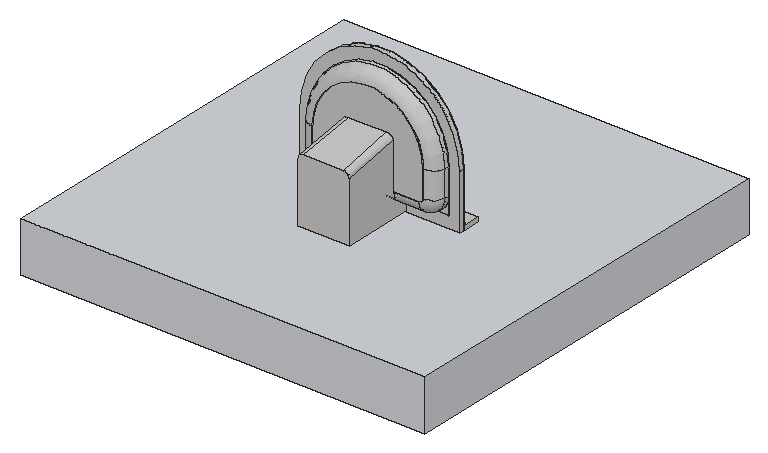
Revit family
Parameters (values of type "3423-ES-ADA-1-H")
  Waste Connection = yes
  Vent Connection = no
  VP - Vinylclad Housing Color (Black, Gray, White) (Not Available with -ES Contoured Base Units.) = no
  URL = "http://www.acornengineering.com"
  TS - Single-Fold Paper Towel Dispenser (Not ADA Compliant) = no
  TM - C or Multi-Fold Paper Towel Dispenser (Not ADA Compliant.) = no
  ST - Single Temperature Valve = no
  SPX - 16 Gage Stainless Steel Housing (Standard on -ES Contoured Base Units.) = no
  SO-BAT - Sensor Operation (Battery) = no
  SO - Sensor Operation = no
  Revised Date = "06/09/11"
  Phone# = "626-336-4561"
  PDM - Metering Liquid Soap Dispenser (Not Available with -PCB, -TM, or -TS.) = no
  PCB - Pipe Column Brace (Pipe By Others.) = no
  PBE - Pushbutton Electronic Metering = no
  Model = "3423-ES-ADA-1-H"
  Material = Stainless Steel
  Manufacturer = "Acorn Engineering"
  LBS - Less Back Splash = no
  JH32 - 32" Junior Rim Height = no
  JH30 - 30" Junior Rim Height = no
  JH26 - 26" Junior Rim Height (Standard) (Not ADA Compliant) = no
  HW Connection = yes
  HB - Hose Bibb (L or R) (Not ADA Compliant) = no
  H - Hand Operation = yes
  EG - Enviro-Glaze Color, Bowl and Sprayhead (Specify) = no
  Designed By = "ATS BIM Team"
  Description = "Semi-Circular Models - 3 or 4 Stations - ADA Compliant"
  Default Elevation = 34"
  DV - Liquid / Lotion Soap Dispenser = no
  DP - Metering Powder Soap Dispenser = no
  CW Connection = yes
  CS - Compact Sprayhead - 9" Diameter x 4" High (Not Available with -DP or -DV) = no
  CB - Column Braced to Backsplash = no
  2 - On-Floor, Wall Outlet (1-1/2" OD Tailpiece Provided) = no
  1 - Off-Floor Wall Outlet (1-1/2" OD Tailpiece Provided) = yes
Reference planes (in)
  plane 1 "Center (Front/Back)": y = 0
  plane 2: z = 0
  plane 3 "Center (Left/Right)": x = 0
  plane 4: z = 10
  plane 5: y = -18.00751
  plane 6: z = 14.9973
  plane 7: z = 31.9973
  plane 8: x = 19
  plane 9: x = -19
  plane 10: y = -34
  plane 11: y = 10
  plane 12: y = -11.5
  plane 13: x = -6.0625
  plane 14: x = 6.0625
Forms (in)
  Extrusion 1, solid
    sketch origin (0, 0, 0) x (1, 0, 0) y (0, 1, 0)
      loop
        line (-48, 48) -> (-48, -48) -> (48, -48) -> (48, 48) -> (-48, 48)
    from 0 to -12
  Sweep 2, solid, material "Stainless Steel" <- "Material"
    path origin (0.27023, 0, 0) x (1, 0, 0) y (0, 0, 1)
      loop
        line (-12.52638, 2.75) -> (11.97362, 2.75)
        arc (11.97362, 2.75) -> (14.80205, 3.92157) -> (15.97362, 6.75) r 4
        line (15.97362, 6.75) -> (15.97362, 13)
        arc (15.97362, 13) -> (-0.27638, 29.25) -> (-16.52638, 13) r 16.25
        line (-16.52638, 13) -> (-16.52638, 6.75)
        arc (-16.52638, 6.75) -> (-15.3548, 3.92157) -> (-12.52638, 2.75) r 4
    profile origin (-0.00615, 0, 2.75) x (0, 0, 1) y (0, -1, 0)
      loop
        line (-0.09356, 1.32343) -> (-0.09356, 0) -> (0.15423, 0) -> (0.15423, 1.29028) -> (0.27882, 2.2216)
        arc (0.27882, 2.2216) -> (1.21857, 3.97434) -> (3.07965, 4.67549) r 2.829
        line (3.07965, 4.67549) -> (3.07965, 4.92549)
        arc (3.07965, 4.92549) -> (1.05393, 4.16247) -> (0.03103, 2.25474) r 3.079
        line (0.03103, 2.25474) -> (-0.09356, 1.32343)
  Sweep 3, solid, material "Stainless Steel" <- "Material"
    path origin (0.27638, 0, 0) x (1, 0, 0) y (0, 0, 1)
      loop
        arc (18.72362, 13) -> (-0.27638, 32) -> (-19.27638, 13) r 19
        line (-19.27638, 13) -> (-19.27638, 0) -> (18.72362, 0) -> (18.72362, 13)
    profile origin (0, 0, 32) x (0, 0, -1) y (0, -1, 0)
      loop
        arc (0, 0.203) -> (0.05946, 0.05946) -> (0.203, 0) r 0.203
        line (0.203, 0) -> (2.66259, 0) -> (2.66259, 1.3125) -> (0, 1.3125) -> (0, 0.203)
  Extrusion 4, solid, material "Stainless Steel" <- "Material"
    sketch origin (0, 0, 0) x (0, 1, 0) y (0, 0, 1)
      loop
        line (4, 0) -> (4, 1) -> (0.40648, 1)
        arc (0.40648, 1) -> (0.12138, 1.16416) -> (0, 1.46993) r 0.5
        line (0, 1.46993) -> (0, 0) -> (4, 0)
    from -19 to 19
  Extrusion 5, solid, material "Stainless Steel" <- "Material"
    sketch origin (0.27023, 0, 0) x (1, 0, 0) y (0, 0, 1)
      loop
        line (11.97362, 2.65644) -> (16.06103, 2.65644) -> (16.06103, 6.52572)
        arc (16.06103, 6.52572) -> (14.7878, 3.77718) -> (11.97362, 2.65644) r 4.09356
      loop
        line (-16.61379, 2.65644) -> (-12.52638, 2.65644)
        arc (-12.52638, 2.65644) -> (-15.34055, 3.77718) -> (-16.61379, 6.52572) r 4.09356
        line (-16.61379, 6.52572) -> (-16.61379, 2.65644)
    from 0 to 1.29028
  Extrusion 6, solid, material "Stainless Steel" <- "Material"
    sketch origin (0, 0, 0) x (0, 1, 0) y (0, 0, 1)
      loop
        arc (0, 0.203) -> (-0.05946, 0.05946) -> (-0.203, 0) r 0.203
        line (-0.203, 0) -> (0, 0) -> (0, 0.203)
    from -19 to 19
  Revolve 7, solid, material "Stainless Steel" <- "Material"
    sketch origin (0, 0, 0) x (0, 1, 0) y (0, 0, 1)
      loop
        line (-5.07722, 10) -> (9.85915, 10) -> (9.85915, 12.68021) -> (9.83498, 13.60316) -> (9.89444, 13.71637) -> (9.94768, 16.7668) -> (9.73201, 16.93487) -> (9.73201, 17.53547)
        arc (9.73201, 17.53547) -> (9.68341, 17.64658) -> (9.57106, 17.69225) r 0.161
        line (9.57106, 17.69225) -> (9.1659, 17.69225) -> (9.1659, 17.625) -> (6.11323, 17.625)
        arc (6.11323, 17.625) -> (6.04626, 17.61143) -> (5.98948, 17.5735) r 0.175
        line (5.98948, 17.5735) -> (4.26896, 15.85297)
        arc (4.26896, 15.85297) -> (4.23102, 15.79619) -> (4.2177, 15.72922) r 0.175
        line (4.2177, 15.72922) -> (4.2177, 13.3125)
        arc (4.2177, 13.3125) -> (4.0672, 12.82186) -> (3.66746, 12.5) r 0.875
        line (3.66746, 12.5) -> (-5.15038, 12.5) -> (-5.07722, 10)
      axis (9.94768, 10) -> (-5.15038, 10)
    angle from 0 to 360
  Extrusion 8, void
    sketch origin (0, -0.00195, 0.01562) x (1, 0, 0) y (0, 0, 1)
      loop
        arc (0, 3.09874) -> (0.39721, 3.11018) -> (0.7931, 3.14446) r 6.90126
        line (0.7931, 3.14446) -> (0.36264, 6.41415)
        arc (0.36264, 6.41415) -> (0.01899, 6.39591) -> (-0.32482, 6.41052) r 3.60414
        line (-0.32482, 6.41052) -> (-0.75537, 3.1402)
        arc (-0.75537, 3.1402) -> (-0.37825, 3.10911) -> (0, 3.09874) r 6.90126
      loop
        arc (0.79806, 16.85496) -> (0.01898, 16.90123) -> (-0.76033, 16.85925) r 6.90126
        line (-0.76033, 16.85925) -> (-0.32979, 13.58902)
        arc (-0.32979, 13.58902) -> (0.01899, 13.60409) -> (0.3676, 13.58535) r 3.60414
        line (0.3676, 13.58535) -> (0.79806, 16.85496)
      loop
        arc (0.61527, 13.55124) -> (0.95526, 13.47524) -> (1.28633, 13.36678) r 3.60414
        line (1.28633, 13.36678) -> (2.54833, 16.41353)
        arc (2.54833, 16.41353) -> (1.80862, 16.66005) -> (1.04581, 16.82156) r 6.90126
        line (1.04581, 16.82156) -> (0.61527, 13.55124)
      loop
        arc (1.51663, 13.26951) -> (1.82448, 13.10824) -> (2.11536, 12.91807) r 3.60414
        line (2.11536, 12.91807) -> (4.1229, 15.53435)
        arc (4.1229, 15.53435) -> (3.47305, 15.96367) -> (2.77896, 16.31702) r 6.90126
        line (2.77896, 16.31702) -> (1.51663, 13.26951)
      loop
        arc (2.31256, 12.7644) -> (2.56742, 12.52947) -> (2.79853, 12.27115) r 3.60414
        line (2.79853, 12.27115) -> (5.41481, 14.27869)
        arc (5.41481, 14.27869) -> (4.89886, 14.86092) -> (4.32065, 15.38139) r 6.90126
        line (4.32065, 15.38139) -> (2.31256, 12.7644)
      loop
        arc (2.94924, 12.07167) -> (3.13415, 11.77958) -> (3.29023, 11.47112) r 3.60414
        line (3.29023, 11.47112) -> (6.33699, 12.73313)
        arc (6.33699, 12.73313) -> (5.98957, 13.42817) -> (5.56623, 14.07976) r 6.90126
        line (5.56623, 14.07976) -> (2.94924, 12.07167)
      loop
        arc (3.3843, 11.23949) -> (3.48727, 10.91037) -> (3.55832, 10.57291) r 3.60414
        line (3.55832, 10.57291) -> (6.82793, 11.00337)
        arc (6.82793, 11.00337) -> (6.67208, 11.76374) -> (6.43182, 12.50181) r 6.90126
        line (6.43182, 12.50181) -> (3.3843, 11.23949)
      loop
        arc (3.58947, 10.32486) -> (3.60409, 9.98104) -> (3.58586, 9.63741) r 3.60414
        line (3.58586, 9.63741) -> (6.85554, 9.20694)
        arc (6.85554, 9.20694) -> (6.90123, 9.98105) -> (6.85979, 10.7554) r 6.90126
        line (6.85979, 10.7554) -> (3.58947, 10.32486)
      loop
        arc (3.55209, 9.38969) -> (3.47784, 9.05425) -> (3.37199, 8.7274) r 3.60414
        line (3.37199, 8.7274) -> (6.41894, 7.46531)
        arc (6.41894, 7.46531) -> (6.66263, 8.20089) -> (6.82232, 8.95916) r 6.90126
        line (6.82232, 8.95916) -> (3.55209, 9.38969)
      loop
        arc (3.27566, 8.4967) -> (3.11781, 8.19194) -> (2.9317, 7.90357) r 3.60414
        line (2.9317, 7.90357) -> (5.54825, 5.89582)
        arc (5.54825, 5.89582) -> (5.97321, 6.54338) -> (6.32292, 7.23449) r 6.90126
        line (6.32292, 7.23449) -> (3.27566, 8.4967)
      loop
        arc (2.77931, 7.70538) -> (2.54853, 7.45151) -> (2.29466, 7.22072) r 3.60414
        line (2.29466, 7.22072) -> (4.30248, 4.60407)
        arc (4.30248, 4.60407) -> (4.87995, 5.12009) -> (5.39596, 5.69756) r 6.90126
        line (5.39596, 5.69756) -> (2.77931, 7.70538)
      loop
        arc (2.09647, 7.06834) -> (1.80811, 6.88221) -> (1.50334, 6.72436) r 3.60414
        line (1.50334, 6.72436) -> (2.76556, 3.6771)
        arc (2.76556, 3.6771) -> (3.45666, 4.02682) -> (4.10422, 4.45178) r 6.90126
        line (4.10422, 4.45178) -> (2.09647, 7.06834)
      loop
        arc (1.27265, 6.62803) -> (0.9458, 6.52217) -> (0.61035, 6.44791) r 3.60414
        line (0.61035, 6.44791) -> (1.04088, 3.17769)
        arc (1.04088, 3.17769) -> (1.79915, 3.33738) -> (2.53474, 3.58108) r 6.90126
        line (2.53474, 3.58108) -> (1.27265, 6.62803)
      loop
        arc (-0.57288, 6.44168) -> (-0.91034, 6.51272) -> (-1.23947, 6.61569) r 3.60414
        line (-1.23947, 6.61569) -> (-2.50179, 3.56817)
        arc (-2.50179, 3.56817) -> (-1.76372, 3.32792) -> (-1.00333, 3.17206) r 6.90126
        line (-1.00333, 3.17206) -> (-0.57288, 6.44168)
      loop
        arc (-1.4711, 6.70976) -> (-1.77957, 6.86584) -> (-2.07167, 7.05076) r 3.60414
        line (-2.07167, 7.05076) -> (-4.07976, 4.43377)
        arc (-4.07976, 4.43377) -> (-3.42816, 4.01042) -> (-2.73311, 3.66301) r 6.90126
        line (-2.73311, 3.66301) -> (-1.4711, 6.70976)
      loop
        arc (-2.27114, 7.20147) -> (-2.52947, 7.43258) -> (-2.7644, 7.68744) r 3.60414
        line (-2.7644, 7.68744) -> (-5.38139, 5.67935)
        arc (-5.38139, 5.67935) -> (-4.86092, 5.10114) -> (-4.27869, 4.58518) r 6.90126
        line (-4.27869, 4.58518) -> (-2.27114, 7.20147)
      loop
        arc (-2.91807, 7.88465) -> (-3.10824, 8.17554) -> (-3.26951, 8.48339) r 3.60414
        line (-3.26951, 8.48339) -> (-6.31703, 7.22106)
        arc (-6.31703, 7.22106) -> (-5.96367, 6.52696) -> (-5.53436, 5.8771) r 6.90126
        line (-5.53436, 5.8771) -> (-2.91807, 7.88465)
      loop
        arc (-3.36679, 8.71369) -> (-3.47525, 9.04477) -> (-3.55124, 9.38476) r 3.60414
        line (-3.55124, 9.38476) -> (-6.82156, 8.95422)
        arc (-6.82156, 8.95422) -> (-6.66006, 8.19141) -> (-6.41354, 7.45169) r 6.90126
        line (-6.41354, 7.45169) -> (-3.36679, 8.71369)
      loop
        arc (-3.58535, 9.63243) -> (-3.60409, 9.98105) -> (-3.58902, 10.32984) r 3.60414
        line (-3.58902, 10.32984) -> (-6.85924, 10.76037)
        arc (-6.85924, 10.76037) -> (-6.90123, 9.98105) -> (-6.85496, 9.20198) r 6.90126
        line (-6.85496, 9.20198) -> (-3.58535, 9.63243)
      loop
        arc (-3.55752, 10.57785) -> (-3.48478, 10.91988) -> (-3.37923, 11.25325) r 3.60414
        line (-3.37923, 11.25325) -> (-6.42649, 12.51547)
        arc (-6.42649, 12.51547) -> (-6.66956, 11.77324) -> (-6.8272, 11.00831) r 6.90126
        line (-6.8272, 11.00831) -> (-3.55752, 10.57785)
      loop
        arc (-3.28422, 11.48449) -> (-3.12473, 11.79608) -> (-2.93577, 12.09072) r 3.60414
        line (-2.93577, 12.09072) -> (-5.55242, 14.09854)
        arc (-5.55242, 14.09854) -> (-5.98012, 13.44464) -> (-6.33117, 12.74658) r 6.90126
        line (-6.33117, 12.74658) -> (-3.28422, 11.48449)
      loop
        arc (-2.78377, 12.28921) -> (-2.54849, 12.54853) -> (-2.28916, 12.78381) r 3.60414
        line (-2.28916, 12.78381) -> (-4.29692, 15.40036)
        arc (-4.29692, 15.40036) -> (-4.87991, 14.87995) -> (-5.40033, 14.29696) r 6.90126
        line (-5.40033, 14.29696) -> (-2.78377, 12.28921)
      loop
        arc (-2.09068, 12.9358) -> (-1.79603, 13.12476) -> (-1.48445, 13.28424) r 3.60414
        line (-1.48445, 13.28424) -> (-2.74653, 16.33119)
        arc (-2.74653, 16.33119) -> (-3.44459, 15.98015) -> (-4.0985, 15.55245) r 6.90126
        line (-4.0985, 15.55245) -> (-2.09068, 12.9358)
      loop
        arc (-1.2532, 13.37925) -> (-0.91983, 13.48479) -> (-0.57781, 13.55753) r 3.60414
        line (-0.57781, 13.55753) -> (-1.00827, 16.82721)
        arc (-1.00827, 16.82721) -> (-1.7732, 16.66957) -> (-2.51542, 16.42651) r 6.90126
        line (-2.51542, 16.42651) -> (-1.2532, 13.37925)
    from -9.85296 to -10.08144
  Blend 9, solid, material "Stainless Steel" <- "Material"
    base sketch origin (0, 0, 0) x (1, 0, 0) y (0, 0, 1)
      loop
        line (6.0625, 0) -> (6.0625, 17.13882)
        arc (6.0625, 17.13882) -> (5.4667, 18.11679) -> (4.38755, 18.5) r 1.71111
        line (4.38755, 18.5) -> (-4.35139, 18.5)
        arc (-4.35139, 18.5) -> (-5.56133, 17.99883) -> (-6.0625, 16.78889) r 1.71111
        line (-6.0625, 16.78889) -> (-6.0625, 0) -> (6.0625, 0)
    top sketch origin (0, 0, 0) x (1, 0, 0) y (0, 0, 1)
      loop
        line (6.0625, 0) -> (6.0625, 14.26484)
        arc (6.0625, 14.26484) -> (5.69638, 15.14872) -> (4.8125, 15.51484) r 1.25
        line (4.8125, 15.51484) -> (-4.8125, 15.51484)
        arc (-4.8125, 15.51484) -> (-5.69638, 15.14872) -> (-6.0625, 14.26484) r 1.25
        line (-6.0625, 14.26484) -> (-6.0625, 0) -> (6.0625, 0)
    from 1.29028 to 17.95324
  Revolve 10, solid, material "Stainless Steel" <- "Material", detail levels fine
    sketch origin (0, 0, 0) x (0, 1, 0) y (0, 0, 1)
      loop
        line (7.66295, 18.37475) -> (7.66295, 17.62475) -> (8.22545, 17.62475) -> (8.22545, 17.72366)
        arc (8.22545, 17.72366) -> (8.22065, 17.74777) -> (8.20699, 17.7682) r 0.063
        line (8.20699, 17.7682) -> (7.9939, 17.9813)
        arc (7.9939, 17.9813) -> (7.97346, 17.99496) -> (7.94935, 17.99975) r 0.063
        line (7.94935, 17.99975) -> (7.91295, 17.99975) -> (7.91295, 18.31175)
        arc (7.91295, 18.31175) -> (7.89449, 18.3563) -> (7.84995, 18.37475) r 0.063
        line (7.84995, 18.37475) -> (7.66295, 18.37475)
      axis (7.66295, 18.37475) -> (7.66295, 17.62475)
    angle from 0 to 360
  Revolve 11, solid, material "Stainless Steel" <- "Material", detail levels fine
    sketch origin (0, 0, 0) x (0, 1, 0) y (0, 0, 1)
      loop
        line (4.66264, 17.13054) -> (5.10459, 16.6886) -> (5.45814, 17.04215) -> (5.10459, 17.39571)
        arc (5.10459, 17.39571) -> (5.0162, 17.43232) -> (4.92781, 17.39571) r 0.125
        line (4.92781, 17.39571) -> (4.66264, 17.13054)
      axis (4.66264, 17.13054) -> (5.10459, 16.6886)
    angle from 0 to 360
  Revolve 12, solid, material "Stainless Steel" <- "Material", detail levels fine
    sketch origin (10, 0, 10) x (1, 0, 0) y (0, 1, 0)
      loop
        line (-18.37475, 7.66295) -> (-17.62475, 7.66295) -> (-17.62475, 8.22545) -> (-17.72366, 8.22545)
        arc (-17.72366, 8.22545) -> (-17.74777, 8.22065) -> (-17.7682, 8.20699) r 0.063
        line (-17.7682, 8.20699) -> (-17.9813, 7.9939)
        arc (-17.9813, 7.9939) -> (-17.99496, 7.97346) -> (-17.99975, 7.94935) r 0.063
        line (-17.99975, 7.94935) -> (-17.99975, 7.91295) -> (-18.31175, 7.91295)
        arc (-18.31175, 7.91295) -> (-18.3563, 7.89449) -> (-18.37475, 7.84995) r 0.063
        line (-18.37475, 7.84995) -> (-18.37475, 7.66295)
      axis (-18.37475, 7.66295) -> (-17.62475, 7.66295)
    angle from 0 to 360
  Revolve 13, solid, material "Stainless Steel" <- "Material", detail levels fine
    sketch origin (10, 0, 10) x (1, 0, 0) y (0, 1, 0)
      loop
        line (-17.13054, 4.66264) -> (-16.6886, 5.10459) -> (-17.04215, 5.45814) -> (-17.39571, 5.10459)
        arc (-17.39571, 5.10459) -> (-17.43232, 5.0162) -> (-17.39571, 4.92781) r 0.125
        line (-17.39571, 4.92781) -> (-17.13054, 4.66264)
      axis (-17.13054, 4.66264) -> (-16.6886, 5.10459)
    angle from 0 to 360
  Revolve 14, solid, material "Stainless Steel" <- "Material", detail levels fine
    sketch origin (-10, 0, 10) x (1, 0, 0) y (0, 1, 0)
      loop
        line (18.37475, 7.66295) -> (18.37475, 7.84995)
        arc (18.37475, 7.84995) -> (18.3563, 7.89449) -> (18.31175, 7.91295) r 0.063
        line (18.31175, 7.91295) -> (17.99975, 7.91295) -> (17.99975, 7.94935)
        arc (17.99975, 7.94935) -> (17.99496, 7.97346) -> (17.9813, 7.9939) r 0.063
        line (17.9813, 7.9939) -> (17.7682, 8.20699)
        arc (17.7682, 8.20699) -> (17.74777, 8.22065) -> (17.72366, 8.22545) r 0.063
        line (17.72366, 8.22545) -> (17.62475, 8.22545) -> (17.62475, 7.66295) -> (18.37475, 7.66295)
      axis (18.37475, 7.66295) -> (17.62475, 7.66295)
    angle from 0 to 360
  Revolve 15, solid, material "Stainless Steel" <- "Material", detail levels fine
    sketch origin (-10, 0, 10) x (1, 0, 0) y (0, 1, 0)
      loop
        line (17.13054, 4.66264) -> (17.39571, 4.92781)
        arc (17.39571, 4.92781) -> (17.43232, 5.0162) -> (17.39571, 5.10459) r 0.125
        line (17.39571, 5.10459) -> (17.04215, 5.45814) -> (16.6886, 5.10459) -> (17.13054, 4.66264)
      axis (17.13054, 4.66264) -> (16.6886, 5.10459)
    angle from 0 to 360
  Extrusion 16, solid, material "Stainless Steel" <- "Material"
    sketch origin (0, 0, 0) x (1, 0, 0) y (0, 0, 1)
      loop
        circle (0, 14.9973) r 0.75
    from 4.67549 to 11.5
  Extrusion 17, solid, material "Stainless Steel" <- "Material"
    sketch origin (0.27023, 0, 0) x (1, 0, 0) y (0, 0, 1)
      loop
        line (-13.44672, 13) -> (-13.44672, 6.75)
        arc (-13.44672, 6.75) -> (-13.17716, 6.09922) -> (-12.52638, 5.82965) r 0.92035
        line (-12.52638, 5.82965) -> (11.97362, 5.82965)
        arc (11.97362, 5.82965) -> (12.62441, 6.09922) -> (12.89397, 6.75) r 0.92035
        line (12.89397, 6.75) -> (12.89397, 13)
        arc (12.89397, 13) -> (-0.27638, 26.17035) -> (-13.44672, 13) r 13.17035
    from 4.92549 to 4.67549
  Extrusion 18, void
    sketch origin (0, 0, 0) x (0, 1, 0) y (0, 0, 1)
      loop
        line (-1.29028, 18.5) -> (-4.92549, 18.5) -> (-4.92549, 2.65644) -> (-1.29028, 2.65644) -> (-1.29028, 18.5)
    from -6.07036 to 6.0625
  Extrusion 19, solid, material "Stainless Steel" <- "Material"
    sketch origin (0, 0, 0) x (0, 1, 0) y (0, 0, 1)
      loop
        line (-4.92549, 5.82965) -> (-4.92549, 2.65644) -> (-1.3125, 2.65644) -> (-2.08321, 2.75804)
        arc (-2.08321, 2.75804) -> (-4.10591, 3.7372) -> (-4.92549, 5.82965) r 3.08087
    from -6.0625 to 6.0625
Cuts and joins
  Extrusion 18 cuts Blend 9
  joined: Blend 9, Extrusion 17, Extrusion 19
  Extrusion 18 cuts Extrusion 5
  Extrusion 8 cuts Revolve 7
  joined: Sweep 2, Extrusion 5, Revolve 7
  Extrusion 18 cuts Extrusion 16
  Extrusion 8, Extrusion 18 cuts Sweep 3
  joined: Sweep 3, Extrusion 4, Extrusion 6
Dimensions and locks (in)
  Extrusion 1 to plane 7 = 31.9973"
  plane 9 to plane 8 = 38"
  plane 1 "Center (Front/Back)" to plane 10 = 34"
  plane 5 to plane 10 = 15.99249"
  plane 11 to plane 10 = 44"
  Extrusion 1 to plane 6 = 14.9973"
  plane 13 to plane 14 = 12 1/8"
  plane 1 "Center (Front/Back)" to plane 12 = 11 1/2"
  plane 6 to Extrusion 1 = 14.9973"
  aligned and locked: plane 2 to Extrusion 1
  aligned and locked: level to Extrusion 1
Connectors (in)
  piping at (0, -11.5, 14.9973)
    settings: on Extrusion 16, index 1
